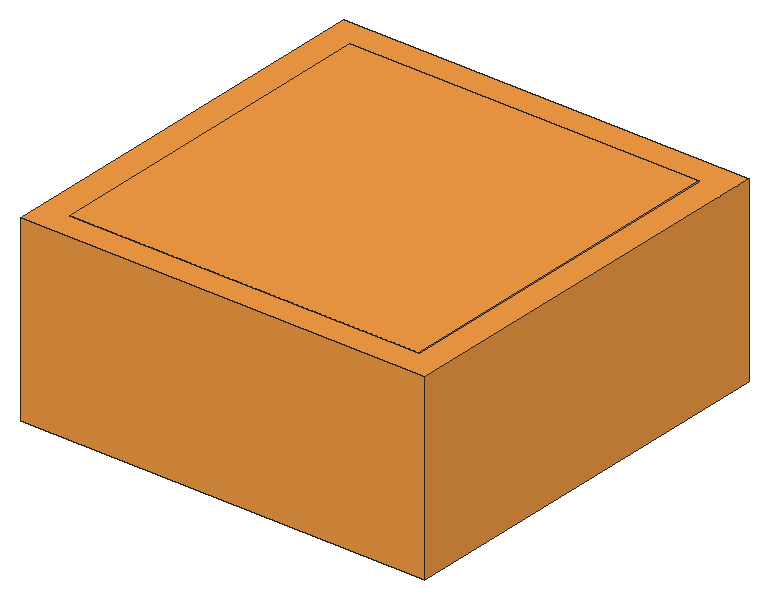
Revit family "Detector óptico perfil bajo_Aguilera Electronica", category Dispositivos de alarma de incendios, Revit 2019
Family settings
  Anfitrión = Cara
  Mantener orientación de anotación = Sí
  Cota de conector redondo = Diámetro de uso
  Tipo de pieza = Normal
  Número OmniClass = 23.85.30.21.11.11.11
  Título OmniClass = Smoke Detectors
  Corte con vacíos al cargar = No
  Compartido = No
  Punto de cálculo de habitación = No
Parameters (values of type "Detector óptico de bajo perfil con base con sirena bajo consumo")
  Zona de acción 80 m2 = yes
  Zona de acción 60 m2 = yes
  Símbolo = yes
  Suplemento para superficie = no
  Símbolo texto modelo = yes
  R2 = D2 / 2  # 49 mm
  D2 = 98 mm
  Altura 3 = 5 mm  # constant formula
  Altura 2 = 40 mm
  URL = "http://aguilera.es/?productos=detector-optico-de-bajo-perfil"
  Modelo = "AE/SA-OPI + AE/SA-SB"
  Fabricante = "Aguilera Electrónica"  # constant formula
  Default Elevation = 0 mm
  Diámetro = 104 mm
  Descripción = "Detector de humos fabricado por AGUILERA ELECTRÓNICA según norma UNE EN 54-7, con certificado de\r\nconformidad CE y marca de calidad AENOR.\r\nUnidad algorítmica direccionable que gestiona un sensor óptico de humos. Su función es tomar medidas\r\nde la luz que dispersan las partículas de humo, evaluar su densidad y porcentaje de incremento en tiempo\r\ny enviar a la central una información ya analizada para que ésta tome la decisión de alarma siempre que\r\nse alcancen los parámetros programados para cada caso.\r\n• Tecnología compartida con la central.\r\n• Diseño de ventilación natural, que facilita la captación de humos lentos.\r\n• Ajuste automático de sensibilidad.\r\n• Autoaislador del equipo incorporado.\r\n• Salida para alarma remota.\r\n• Conexión a 2 hilos.\r\n• Alimentación: entre 18 y 27 Vcc. Consumo: 2 mA en reposo y 5 mA en alarma."  # constant formula
  Comentarios de tipo = "El equipo AE/SA-SB es una sirena para conectar al bucle algorítmico, que dispone de las siguientes\r\ncaracterísticas:\r\n• Conexión a base de detectores de sistema algorítmico AE/SA-ZB2.\r\n• Incluye base para inserción de detectores algorítmicos de la serie SA de Aguilera:\r\nAE/SA-OP, AE/SA-OPT y AE/SA-T\r\n• Conexión a bucle algorítmico, ocupando 1 dirección. Totalmente programable como una salida\r\nindependiente, asociada al detector conectado a ella, a la zona o sector.\r\n• Generador de tono microprocesado, independiente de las comunicaciones.\r\n• Tonos NFS, ISO 8201 y BF.\r\n• Características acústicas:\r\n- Resonante piezoeléctrico con driver MOS-FET optimizado para conseguir mayor potencia\r\nacústica con un menor consumo.\r\n- Dos niveles de volumen, seleccionable por dilswitch.\r\n- 8 tonos acústicos seleccionables por dilswitch. Hasta 16 tonos disponibles.\r\n• Prueba de funcionamiento mediante selector en dilswitch.\r\n• Vigilancia de tensión de alimentación en bucle algorítmico, con indicación de avería por nivel\r\nbajo.\r\n• Led indicador de estado en bucle algorítmico.\r\n• Sirena certificada EN 54-3."
  Altura 1 = 38 mm  # constant formula
Types (6, lengths in mm): name | Suplemento para superficie | R2 | D2 | Altura 2 | Modelo | Diámetro | Comentarios de tipo
  (no name) | no | 49 | 98 | 40 | "AE/SA-OPI + AE/SA-SB" | 104 | "El equipo AE/SA-SB es una sirena para conectar al bucle algorítmico, que dispone de las siguientes\r\ncaracterísticas:\r\n• Conexión a base de detectores de sistema algorítmico AE/SA-ZB2.\r\n• Incluye base para inserción de detectores algorítmicos de la serie SA de Aguilera:\r\nAE/SA-OP, AE/SA-OPT y AE/SA-T\r\n• Conexión a bucle algorítmico, ocupando 1 dirección. Totalmente programable como una salida\r\nindependiente, asociada al detector conectado a ella, a la zona o sector.\r\n• Generador de tono microprocesado, independiente de las comunicaciones.\r\n• Tonos NFS, ISO 8201 y BF.\r\n• Características acústicas:\r\n- Resonante piezoeléctrico con driver MOS-FET optimizado para conseguir mayor potencia\r\nacústica con un menor consumo.\r\n- Dos niveles de volumen, seleccionable por dilswitch.\r\n- 8 tonos acústicos seleccionables por dilswitch. Hasta 16 tonos disponibles.\r\n• Prueba de funcionamiento mediante selector en dilswitch.\r\n• Vigilancia de tensión de alimentación en bucle algorítmico, con indicación de avería por nivel\r\nbajo.\r\n• Led indicador de estado en bucle algorítmico.\r\n• Sirena certificada EN 54-3."
  Detector óptico de bajo perfil | no | 49 | 98 | 1 | "AE/SA-OPI" | 106 | "Las características que le otorgan la distinción entre el resto de detectores ópticos son su diseño y sus\r\ndimensiones. El AE/SA-OPI tiene un perfíl más bajo, solo 43mm de altura, lo que le permite estar más\r\npegado al techo.\r\nCertificado de conformidad CE según norma EN 54-7."
  Detector óptico de bajo perfil con zócalo | no | 49 | 98 | 18 | "AE/SA-OPI + AE/SA-ZB2" | 106 | "Las características que le otorgan la distinción entre el resto de detectores ópticos son su diseño y sus\r\ndimensiones. El AE/SA-OPI tiene un perfíl más bajo, solo 43mm de altura, lo que le permite estar más\r\npegado al techo.\r\nCertificado de conformidad CE según norma EN 54-7. Zócalo fabricado en ABS por AGUILERA ELECTRÓNICA, reciclable con contactos arandelas y tuercas,\r\npara conexión de los cables, en acero inoxidable.\r\nPermiten el intercambio de todos los detectores algorítmicos."
  Detector óptico con suplemento para superficie | yes | 53 | 106 | 30 | "AE/SA-OPI + AE/SA-ZS" | 106 | "Las características que le otorgan la distinción entre el resto de detectores ópticos son su diseño y sus\r\ndimensiones. El AE/SA-OPI tiene un perfíl más bajo, solo 43mm de altura, lo que le permite estar más\r\npegado al techo.\r\nCertificado de conformidad CE según norma EN 54-7. Suplemento de montaje para tubo visto. Facilita la instalación permitiendo la entrada de 3 tubos de\r\n20mm.\r\nCompatible con todos los detectores algorítmicos. Fabricado en ABS."
  Detector óptico de bajo perfil con zócalo con aislador | no | 49 | 98 | 18 | "AE/SA-OPI + AE/SA-ZBA" | 106 | "Zócalo para detectores algorítmicos con circuito aislador bidireccional certificado EN 54-17, diseñado para\r\nser utilizado con las centrales de detección de incendio algorítmicas de AGUILERA ELECTRONICA.\r\nEl circuito aislador bidireccional incluido en el zócalo permite aislar cortocircuitos en el cableado del bucle\r\nde detección algorítmico, dejando fuera de servicio la zona afectada entre 2 aisladores para instalaciones\r\nrealizadas en bucle cerrado.\r\nEl circuito aislador incorpora las siguientes funciones:\r\n• Interruptor bidireccional, permite cortar el bucle de forma segura, sin provocar caídas de tensión cuando\r\nda continuidad.\r\n• Detector de tensión. Supervisa la tensión del bucle, impidiendo su funcionamiento hasta que la tensión\r\nno supera el límite inferior fijado.\r\n• Indicador luminoso, se activa cuando se detecta un corto en el bucle, o un consumo de corriente excesivo."
  Detector óptico de bajo perfil con base con sirena bajo consumo | no | 49 | 98 | 40 | "AE/SA-OPI + AE/SA-SB" | 104 | "El equipo AE/SA-SB es una sirena para conectar al bucle algorítmico, que dispone de las siguientes\r\ncaracterísticas:\r\n• Conexión a base de detectores de sistema algorítmico AE/SA-ZB2.\r\n• Incluye base para inserción de detectores algorítmicos de la serie SA de Aguilera:\r\nAE/SA-OP, AE/SA-OPT y AE/SA-T\r\n• Conexión a bucle algorítmico, ocupando 1 dirección. Totalmente programable como una salida\r\nindependiente, asociada al detector conectado a ella, a la zona o sector.\r\n• Generador de tono microprocesado, independiente de las comunicaciones.\r\n• Tonos NFS, ISO 8201 y BF.\r\n• Características acústicas:\r\n- Resonante piezoeléctrico con driver MOS-FET optimizado para conseguir mayor potencia\r\nacústica con un menor consumo.\r\n- Dos niveles de volumen, seleccionable por dilswitch.\r\n- 8 tonos acústicos seleccionables por dilswitch. Hasta 16 tonos disponibles.\r\n• Prueba de funcionamiento mediante selector en dilswitch.\r\n• Vigilancia de tensión de alimentación en bucle algorítmico, con indicación de avería por nivel\r\nbajo.\r\n• Led indicador de estado en bucle algorítmico.\r\n• Sirena certificada EN 54-3."
Reference planes
  plane 1 "Centro (Frontal/Posterior)": y = 0
  plane 2: z = 0
  plane 3 "Centro (Izquierda/Derecha)": x = 0
  plane 4: z = 83
  plane 5: z = 78
  plane 6: z = 40
Forms (mm)
  Extrusion 1, solid
    sketch origin (0, 0, 0) x (1, 0, 0) y (0, 1, 0)
      loop
        line (-1219.2, 1219.2) -> (-1219.2, -1219.2) -> (1219.2, -1219.2) -> (1219.2, 1219.2) -> (-1219.2, 1219.2)
    from 0 to -304.8
  Extrusion 2, solid, material "Carcasa ABS", detail levels fine
    sketch origin (0, 0, 0) x (1, 0, 0) y (0, 1, 0)
      loop
        circle (0, 0) r 18.837
    from 81.409 to 83
  Extrusion 3, solid, material "Carcasa ABS", detail levels fine
    sketch origin (4.277, 0, 83.026) x (1, 0, 0) y (0, 0, -1)
      loop
        line (-22.453, 5.026) -> (-27.409, 5.026)
        arc (-27.409, 5.026) -> (-25.225, 2.636) -> (-23.31, 0.026) r 30.048
        line (-23.31, 0.026) -> (-22.453, 0.026) -> (-22.453, 5.026)
    from -2.054 to 1.982
  Revolve 4, solid, material "Carcasa ABS"
    sketch origin (0, 0, 0) x (0, 1, 0) y (0, 0, 1)
      loop
        line (-49, 40) -> (-49, 0) -> (0, 0) -> (0, 40) -> (-49, 40)
      axis (0, 40) -> (0, 0)
    angle from 0 to 360
  Extrusion 5, solid, material "Carcasa ABS", visible <- "Suplemento para superficie", detail levels medium+fine
    sketch origin (0, 0, 28.069) x (0, 1, 0) y (0, 0, 1)
      loop
        circle (0, -13.675) r 10
    from 48.382 to 52.012
  Extrusion 6, solid, material "Carcasa ABS", visible <- "Suplemento para superficie", detail levels medium+fine
    sketch origin (0, 0, 28.069) x (-1, 0, 0) y (0, 0, 1)
      loop
        circle (0, -13.675) r 10
    from 48.382 to 52.012
  Extrusion 7, solid, material "Carcasa ABS", visible <- "Suplemento para superficie", detail levels medium+fine
    sketch origin (0, 0, 28.069) x (0, 1, 0) y (0, 0, -1)
      loop
        circle (0, 13.675) r 10
    from 48.382 to 52.012
  Extrusion 8, solid, material "Carcasa ABS", detail levels fine
    sketch origin (-4.277, 0, 83.026) x (-1, 0, 0) y (0, 0, 1)
      loop
        line (-22.453, -5.026) -> (-22.453, -0.026) -> (-23.31, -0.026)
        arc (-23.31, -0.026) -> (-25.225, -2.636) -> (-27.409, -5.026) r 30.048
        line (-27.409, -5.026) -> (-22.453, -5.026)
    from -2.054 to 1.982
  Extrusion 9, solid, material "Carcasa ABS", detail levels fine
    sketch origin (2.17, -3.722, 83.026) x (0.5, -0.866025, 0) y (0, 0, -1)
      loop
        line (-22.453, 5.026) -> (-27.409, 5.026)
        arc (-27.409, 5.026) -> (-25.225, 2.636) -> (-23.31, 0.026) r 30.048
        line (-23.31, 0.026) -> (-22.453, 0.026) -> (-22.453, 5.026)
    from -2.054 to 1.982
  Extrusion 10, solid, material "Carcasa ABS", detail levels fine
    sketch origin (-2.107, 3.686, 83.026) x (-0.5, 0.866025, 0) y (0, 0, 1)
      loop
        line (-22.453, -5.026) -> (-22.453, -0.026) -> (-23.31, -0.026)
        arc (-23.31, -0.026) -> (-25.225, -2.636) -> (-27.409, -5.026) r 30.048
        line (-27.409, -5.026) -> (-22.453, -5.026)
    from -2.054 to 1.982
  Extrusion 11, solid, material "Carcasa ABS", detail levels fine
    sketch origin (-2.107, -3.758, 83.026) x (-0.5, -0.866025, 0) y (0, 0, -1)
      loop
        line (-22.453, 5.026) -> (-27.409, 5.026)
        arc (-27.409, 5.026) -> (-25.225, 2.636) -> (-23.31, 0.026) r 30.048
        line (-23.31, 0.026) -> (-22.453, 0.026) -> (-22.453, 5.026)
    from -2.054 to 1.982
  Extrusion 12, solid, material "Carcasa ABS", detail levels fine
    sketch origin (2.17, 3.65, 83.026) x (0.5, 0.866025, 0) y (0, 0, 1)
      loop
        line (-22.453, -5.026) -> (-22.453, -0.026) -> (-23.31, -0.026)
        arc (-23.31, -0.026) -> (-25.225, -2.636) -> (-27.409, -5.026) r 30.048
        line (-27.409, -5.026) -> (-22.453, -5.026)
    from -2.054 to 1.982
  Revolve 13, solid, material "Carcasa ABS"
    sketch origin (0, 0, 0) x (1, 0, 0) y (0, 0, 1)
      loop
        arc (-23.133, 78) -> (-27.278, 73.52) -> (-32.126, 69.811) r 35.668
        arc (-32.126, 69.811) -> (-45.528, 56.982) -> (-53, 40) r 47.554
        line (-53, 40) -> (-18.204, 40) -> (-18.204, 78) -> (-23.133, 78)
      axis (0, 78) -> (0, 40)
    angle from 0 to 360
  Extrusion 14, solid, material "Zona de acción", visible <- "Zona de acción 80 m2"
    sketch origin (-3703.865, 3705, 0) x (1, 0, 0) y (0, 1, 0)
      loop
        line (-746.135, -8155) -> (8153.865, -8155) -> (8153.865, 745) -> (-746.135, 745) -> (-746.135, -8155)
    from 0 to 4000
  Extrusion 15, solid, material "Zona de acción", visible <- "Zona de acción 60 m2"
    sketch origin (-4303.865, 3105, 0) x (1, 0, 0) y (0, 1, 0)
      loop
        line (453.865, -6955) -> (8153.865, -6955) -> (8153.865, 745) -> (453.865, 745) -> (453.865, -6955)
    from 0 to 4000
Dimensions and locks
  locked: Extrusion 2 to Extrusion 2 at 1.591
  "Altura 2": plane 6 to Extrusion 1
  "Altura 1": plane 5 to plane 6
  "Altura 3": plane 4 to plane 5
  "R2": Revolve 4 sketch curve to plane 1 "Centro (Frontal/Posterior)"
  aligned and locked: plane 2 to Extrusion 1
  aligned and locked: level to Extrusion 1
  aligned and locked: plane 4 to Extrusion 2
  aligned and locked: Extrusion 1 to Revolve 4 sketch curve
  aligned and locked: plane 1 "Centro (Frontal/Posterior)" to Revolve 4 sketch curve  (x2)
  aligned and locked: Extrusion 3 to plane 5
  aligned and locked: plane 4 to Extrusion 3
  aligned and locked: Revolve 4 sketch curve to plane 6
  aligned and locked: Revolve 13 sketch curve to plane 3 "Centro (Izquierda/Derecha)"
  aligned and locked: plane 6 to Revolve 13 sketch curve
  aligned and locked: Revolve 13 sketch curve to plane 5
Automatic sketch dimensions
  Extrusion 1 sketch curve to Extrusion 1 sketch curve = 2438.4 mm  (x2)
  plane 1 "Centro (Frontal/Posterior)" to Extrusion 2 sketch curve = 0 mm
  Extrusion 2 sketch curve to plane 3 "Centro (Izquierda/Derecha)" = 0 mm
  Extrusion 3 sketch curve to plane 5 = 0 mm
  Extrusion 3 sketch curve to plane 4 = 0 mm
  plane 4 to Extrusion 3 sketch curve = 16.44 mm
  Extrusion 3 sketch curve to plane 3 "Centro (Izquierda/Derecha)" = 44.185 mm
  Extrusion 3 sketch curve to plane 3 "Centro (Izquierda/Derecha)" = 23.133 mm
  Extrusion 3 sketch curve to Extrusion 3 sketch curve = 0.857 mm
  Extrusion 5 sketch curve to plane 1 "Centro (Frontal/Posterior)" = 0 mm
  level to Extrusion 5 sketch curve = 14.394 mm
  Extrusion 6 sketch curve to plane 3 "Centro (Izquierda/Derecha)" = 0 mm
  level to Extrusion 6 sketch curve = 14.394 mm
  Extrusion 7 sketch curve to plane 1 "Centro (Frontal/Posterior)" = 0 mm
  level to Extrusion 7 sketch curve = 14.394 mm
  Extrusion 8 sketch curve to plane 5 = 0 mm
  Extrusion 8 sketch curve to plane 4 = 0 mm
  plane 4 to Extrusion 8 sketch curve = 16.44 mm
  plane 3 "Centro (Izquierda/Derecha)" to Extrusion 8 sketch curve = 44.185 mm
  plane 3 "Centro (Izquierda/Derecha)" to Extrusion 8 sketch curve = 23.133 mm
  Extrusion 8 sketch curve to Extrusion 8 sketch curve = 0.857 mm
  plane 5 to Extrusion 9 sketch curve = 0 mm
  plane 4 to Extrusion 9 sketch curve = 0 mm
  plane 4 to Extrusion 9 sketch curve = 16.44 mm
  Extrusion 9 sketch curve to Extrusion 9 sketch curve = 21.053 mm
  Extrusion 9 sketch curve to Extrusion 9 sketch curve = 0.857 mm
  plane 5 to Extrusion 10 sketch curve = 0 mm
  plane 4 to Extrusion 10 sketch curve = 0 mm
  plane 4 to Extrusion 10 sketch curve = 16.44 mm
  Extrusion 10 sketch curve to Extrusion 10 sketch curve = 21.053 mm
  Extrusion 10 sketch curve to Extrusion 10 sketch curve = 0.857 mm
  Extrusion 11 sketch curve to plane 5 = 0 mm
  Extrusion 11 sketch curve to plane 4 = 0 mm
  plane 4 to Extrusion 11 sketch curve = 16.44 mm
  Extrusion 11 sketch curve to Extrusion 11 sketch curve = 21.053 mm
  Extrusion 11 sketch curve to Extrusion 11 sketch curve = 0.857 mm
  Extrusion 12 sketch curve to plane 5 = 0 mm
  Extrusion 12 sketch curve to plane 4 = 0 mm
  plane 4 to Extrusion 12 sketch curve = 16.44 mm
  Extrusion 12 sketch curve to Extrusion 12 sketch curve = 21.053 mm
  Extrusion 12 sketch curve to Extrusion 12 sketch curve = 0.857 mm
  Revolve 13 sketch curve to plane 3 "Centro (Izquierda/Derecha)" = 6.574 mm
  Revolve 13 sketch curve to plane 3 "Centro (Izquierda/Derecha)" = 18.204 mm
  Revolve 13 sketch curve to Revolve 13 sketch curve = 4.929 mm
  plane 4 to Revolve 13 sketch curve = 16.893 mm
  Revolve 13 sketch curve to Revolve 13 sketch curve = 28.159 mm
  Revolve 13 sketch curve to Revolve 13 sketch curve = 34.796 mm
  Revolve 13 sketch curve to plane 6 = 10.294 mm
  Revolve 13 sketch curve to Revolve 13 sketch curve = 7.326 mm
  plane 6 to Revolve 13 sketch curve = 2.38 mm
  Extrusion 14 sketch curve to plane 3 "Centro (Izquierda/Derecha)" = 4450 mm
  plane 3 "Centro (Izquierda/Derecha)" to Extrusion 14 sketch curve = 4450 mm
  plane 1 "Centro (Frontal/Posterior)" to Extrusion 14 sketch curve = 4450 mm
  Extrusion 14 sketch curve to plane 1 "Centro (Frontal/Posterior)" = 4450 mm
  Extrusion 15 sketch curve to plane 3 "Centro (Izquierda/Derecha)" = 3850 mm
  plane 3 "Centro (Izquierda/Derecha)" to Extrusion 15 sketch curve = 3850 mm
  plane 1 "Centro (Frontal/Posterior)" to Extrusion 15 sketch curve = 3850 mm
  Extrusion 15 sketch curve to plane 1 "Centro (Frontal/Posterior)" = 3850 mm
  Revolve 4 sketch curve to level = 4.781 mm
  Revolve 4 sketch curve to Revolve 4 sketch curve = 7.426 mm
  radius of Extrusion 2 sketch curve = 18.837 mm
  radius of Extrusion 5 sketch curve = 10 mm
  radius of Extrusion 6 sketch curve = 10 mm
  radius of Extrusion 7 sketch curve = 10 mm
Nested families
  nested 1: "S_Detector óptico perfil bajo_Aguilera Electronica" at (0, 2.084, 0), visible <- "Símbolo", type "S_Detector óptico perfil bajo_Aguilera Electronica"
Connectors
  cabletrayconduit at (52.012, 0, 14.394), diameter 20
    settings: on Extrusion 5, index 2, connector width 300 mm, connector height 300 mm, connector angle 0.00°, system type 32, placement type 0, profile type 0, connector reference index -1, is primary connector yes, connector utility param no, connector description ""
  cabletrayconduit at (0, 52.012, 14.394), diameter 20
    settings: on Extrusion 6, index 3, connector width 300 mm, connector height 300 mm, connector angle 0.00°, system type 32, placement type 0, profile type 0, connector reference index -1, is primary connector no, connector utility param no, connector description ""
  cabletrayconduit at (-52.012, 0, 14.394), diameter 20
    settings: on Extrusion 7, index 4, connector width 300 mm, connector height 300 mm, connector angle 0.00°, system type 32, placement type 0, profile type 0, connector reference index -1, is primary connector no, connector utility param no, connector description ""
  electrical at (0, 0, 0), driven by "Modelo"
    settings: on Revolve 4, index 5, voltage 0 V, apparent load 0 VA, apparent load phase1 0 VA, apparent load phase2 0 VA, apparent load phase3 0 VA, power factor 1, load classification "Otro", number of poles 1, system type 11, power factor state 1, is connector primary yes, connector utility no, sub classification motor no, connector description "AE/SA-OPI + AE/SA-SB"
Definition of nested family "S_Detector óptico perfil bajo_Aguilera Electronica"
  Parameters (values of type "S_Detector óptico perfil bajo_Aguilera Electronica")
    Texto símbolo = "OP"
    Texto modelo = yes
    Modelo = "Detector óptico"
  Reference planes
    plane 1: y = 0
    plane 2: x = 0
  Lines and regions (mm)
    detail lines
      curve 1: line (-4.116, -2.084, 0) -> (4.116, -2.084, 0)
      curve 2: line (-4.116, 2.084, 0) -> (-4.116, -2.084, 0)
      curve 3: line (4.116, 2.084, 0) -> (-4.116, 2.084, 0)
      curve 4: line (4.116, -2.084, 0) -> (4.116, 2.084, 0)
      curve 5: line (-3.183, 0, 0) -> (-1.842, 1.341, 0)
      curve 6: line (-1.842, 1.341, 0) -> (0.89, -1.392, 0)
      curve 7: line (0.89, -1.392, 0) -> (2.316, 0.034, 0)
      curve 8: circle (2.705, -0.432, 0) r 0.607 normal (0, 0, 1)
  Text (mm)
    label "Texto símbolo" at (-2.438, -1.13, 0), shows "Texto símbolo"
    label "Modelo" at (0.158, -3.714, 0), shows "Modelo", visible <- "Texto modelo"
